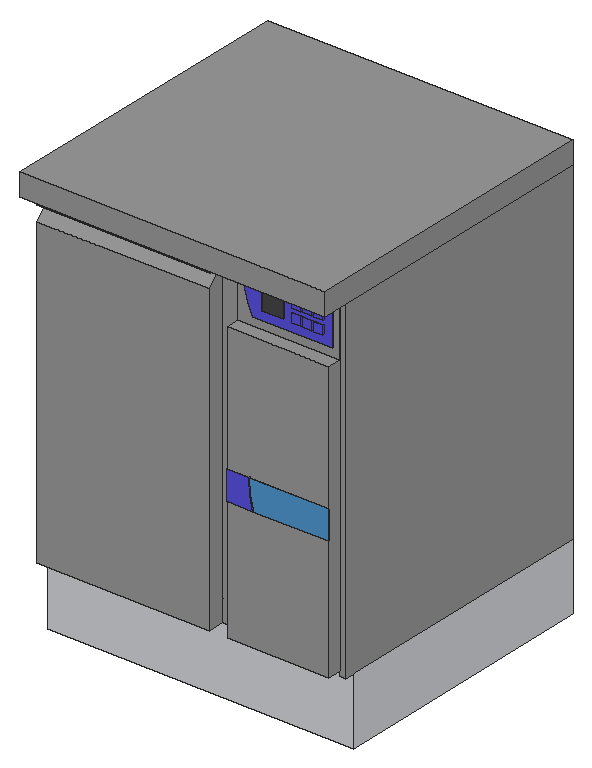
Revit family "Tief-Kühltische GN1-1 - Zentral", category Sonderausstattung, Revit 2015
Parameters (values of type "760x790 1-türig")
  Öffnungstiefe = Korpus Tiefe - Rückwand Stärke - 100 mm  # 470 mm
  Öffnungssymbol Grundriss [instance] = yes
  Watt = 180 W
  Wand unten Stärke = 50 mm  # constant formula
  Wand oben Stärke = 50 mm  # constant formula
  Versatz bei Sockel oder Füße [instance] = if(or(Sockel, Füße), 150 mm, 0 mm)  # 150 mm
  Versatz Tür zu Seitenteil = 40 mm
  Türen Stärke = 50 mm  # constant formula
  Türen Lücke = 20 mm
  Türen Höhe = Korpus Höhe - 20 mm  # 740 mm
  Türen Breite = 390 mm
  Türen Anzahl = 1
  Türen Breite halb = Türen Breite / 2  # 195 mm
  Tür_3 = no
  Tür_2 = no
  Tür_1 = yes
  Tür 4 [instance] = Türen 1 : 1-fach
  Tür 3 [instance] = Türen 1 : 1-fach
  Tür 2 [instance] = Türen 1 : 1-fach
  Tür 1 [instance] = Türen 1 : 1-fach
  Tiefe [instance] = if(Deckplatte, Platte Tiefe, Korpus Tiefe + Türen Stärke)  # 700 mm
  Temp. Bereich = "-18°C bis -20°C"
  Spannung = 230 V
  Sockelhöhe = 150 mm  # constant formula
  Sockel [instance] = yes
  Seitenwand Stärke = 50 mm  # constant formula
  Seitenteilwand Stärke = 15 mm  # constant formula
  Seitenteil Breite = 230 mm
  Scheinleistung = 0 VA
  Pole = 1
  Platte Tiefe = 700 mm  # constant formula
  Platte Stärke = 50 mm
  Pfosten Tiefe = 50 mm  # constant formula
  Rückwand Stärke = 50 mm  # constant formula
  Pfosten Breite = 100 mm  # constant formula
  Pfosten Anzahl = 0
  Pfosten Abstand = Türen Breite + (Türen Lücke / 2)  # 400 mm
  Pfosten 2 = no
  Pfosten 1 = no
  Material = Edelstahl AISI 304
  Kältemittel = "R290"
  Kälteleistung = "180 Watt -30°C VT/+32°C UT"
  Korpus Tiefe = Platte Tiefe - 50 mm - 30 mm  # 620 mm
  Korpus Höhe = 760 mm
  Korpus Breite = Breite - Seitenteil Breite - Seitenteilwand Stärke  # 445 mm
  Kapazität = "1 x 9 x GN1/1"
  Höhe Leitungsanschluss = 500 mm
  Höhe Elektroanschluss = 150 mm
  Höhe [instance] = if(Deckplatte, Korpus Höhe + Versatz bei Sockel oder Füße + Platte Stärke, Korpus Höhe + Versatz bei Sockel oder Füße)  # 960 mm
  Füße Strg [instance] = and(Füße, not(Sockel))  # no
  Füße [instance] = no
  Deckplatte [instance] = yes
  DN Trichterablauf = 50 mm
  DN Saugleitung = 8 mm
  DN Flüssigkeitsleitung = 6 mm
  Breite = 690 mm
  Aufkantung Stärke = 6 mm
  Aufkantung Strg [instance] = and(Deckplatte, Aufkantung)  # no
  Aufkantung Höhe = 50 mm
  Aufkantung [instance] = no
  Artnr ohne Platte = "TKO 711170-76"
  Artnr mit Platte und Aufkantung = "TKO 711171-76"
  Artnr mit Platte = "TKO 711172-76"
  Artikelnr. [instance] = if(and(Deckplatte, not(Aufkantung)), Artnr mit Platte, if(and(Deckplatte, Aufkantung), Artnr mit Platte und Aufkantung, Artnr ohne Platte))  # "TKO 711172-76"
  Abstand Logo = (Korpus Höhe - 120 mm) / 2  # 320 mm
  Abstand Leitungen = 100 mm
  Abstand Display seitlich = 15 mm
Types (15, lengths in mm): name | Watt | Versatz Tür zu Seitenteil | Türen Lücke | Türen Höhe | Türen Breite | Türen Anzahl | Türen Breite halb | Tür_3 | Tür_2 | Seitenteil Breite | Pfosten Anzahl | Pfosten Abstand | Pfosten 2 | Pfosten 1 | Kältemittel | Kälteleistung | Korpus Höhe | Korpus Breite | Kapazität | Höhe | Breite | Aufkantung Strg | Aufkantung | Artnr ohne Platte | Artnr mit Platte und Aufkantung | Artnr mit Platte | Artikelnr. | Abstand Logo | Abstand Display seitlich
  650x690 1-türig | 180 W | 40 | 20 | 630 | 390 | 1 | 195 | no | no | 230 | 0 | 400 | no | no | "R134a" | "160 Watt -30°C VT/+32°C UT" | 650 | 445 | "1 x 7 x GN1/1" | 850 | 690 | yes | yes | "TKO 711160" | "TKO 711161" | "TKO 711162" | "TKO 711161" | 265 | 15
  650x1150 2-türig | 210 W | 20 | 20 | 630 | 430 | 2 | 215 | no | yes | 220 | 1 | 440 | no | yes | "R290" | "290Watt -30°C VT/+32°C UT" | 650 | 915 | "2 x 9 x GN1/1" | 850 | 1150 | yes | yes | "TKO 721160" | "TKO 721161" | "TKO 721162" | "TKO 721161" | 265 | 10
  650x1625 3-türig | 260 W | 25 | 30 | 630 | 430 | 3 | 215 | yes | yes | 220 | 2 | 445 | yes | yes | "R290" | "460 Watt -30°C VT/+32°C UT" | 650 | 1390 | "3 x 9 x GN1/1" | 850 | 1625 | yes | yes | "TKO 731160" | "TKO 731161" | "TKO 731162" | "TKO 731161" | 265 | 10
  700x690 1-türig | 180 W | 40 | 20 | 680 | 390 | 1 | 195 | no | no | 230 | 0 | 400 | no | no | "R290" | "160 Watt -30°C VT/+32°C UT" | 700 | 445 | "1 x 8 x GN1/1" | 900 | 690 | yes | yes | "TKO 711170-70" | "TKO 711171-70" | "TKO 711172-70" | "TKO 711171-70" | 290 | 15
  700x1150 2-türig | 210 W | 20 | 20 | 680 | 430 | 2 | 215 | no | yes | 220 | 1 | 440 | no | yes | "R290" | "290Watt -30°C VT/+32°C UT" | 700 | 915 | "2 x 10 x GN1/1" | 900 | 1150 | yes | yes | "TKO 721170-70" | "TKO 721171-70" | "TKO 721172-70" | "TKO 721171-70" | 290 | 10
  700x1625 3-türig | 260 W | 25 | 30 | 680 | 430 | 3 | 215 | yes | yes | 220 | 2 | 445 | yes | yes | "R290" | "460 Watt -30°C VT/+32°C UT" | 700 | 1390 | "3 x 10 x GN1/1" | 900 | 1625 | yes | yes | "TKO 731170-70" | "TKO 731171-70" | "TKO 731172-70" | "TKO 731171-70" | 290 | 10
  710x690 1-türig | 180 W | 40 | 20 | 690 | 390 | 1 | 195 | no | no | 230 | 0 | 400 | no | no | "R290" | "160 Watt -30°C VT/+32°C UT" | 710 | 445 | "1 x 8 x GN1/1" | 910 | 690 | no | no | "TKO 711170-70" | "TKO 711171-70" | "TKO 711172-70" | "TKO 711172-70" | 295 | 15
  710x1150 2-türig | 210 W | 20 | 20 | 690 | 430 | 2 | 215 | no | yes | 220 | 1 | 440 | no | yes | "R290" | "290Watt -30°C VT/+32°C UT" | 710 | 915 | "2 x 10 x GN1/1" | 910 | 1150 | no | no | "TKO 721170-71" | "TKO 721171-71" | "TKO 721172-71" | "TKO 721172-71" | 295 | 10
  710x1625 3-türig | 260 W | 25 | 30 | 690 | 430 | 3 | 215 | yes | yes | 220 | 2 | 445 | yes | yes | "R290" | "460 Watt -30°C VT/+32°C UT" | 710 | 1390 | "3 x 10 x GN1/1" | 910 | 1625 | no | no | "TKO 731170-71" | "TKO 731171-71" | "TKO 731172-71" | "TKO 731172-71" | 295 | 10
  750x690 1-türig | 180 W | 40 | 20 | 730 | 390 | 1 | 195 | no | no | 230 | 0 | 400 | no | no | "R290" | "180 Watt -30°C VT/+32°C UT" | 750 | 445 | "1 x 9 x GN1/1" | 950 | 690 | yes | yes | "TKO 711170" | "TKO 711171" | "TKO 711172" | "TKO 711171" | 315 | 15
  750x1625 3-türig | 260 W | 25 | 30 | 730 | 430 | 3 | 215 | yes | yes | 220 | 2 | 445 | yes | yes | "R290" | "460 Watt -30°C VT/+32°C UT" | 750 | 1390 | "3 x 11 x GN1/1" | 950 | 1625 | yes | yes | "TKO 731170" | "TKO 731171" | "TKO 731172" | "TKO 731171" | 315 | 10
  750x1150 2-türig | 210 W | 20 | 20 | 730 | 430 | 2 | 215 | no | yes | 220 | 1 | 440 | no | yes | "R290" | "290Watt -30°C VT/+32°C UT" | 750 | 915 | "2 x 11 x GN1/1" | 950 | 1150 | yes | yes | "TKO 721170" | "TKO 721171" | "TKO 721172" | "TKO 721171" | 315 | 10
  760x790 1-türig | 180 W | 40 | 20 | 740 | 390 | 1 | 195 | no | no | 230 | 0 | 400 | no | no | "R290" | "180 Watt -30°C VT/+32°C UT" | 760 | 445 | "1 x 9 x GN1/1" | 960 | 690 | no | no | "TKO 711170-76" | "TKO 711171-76" | "TKO 711172-76" | "TKO 711172-76" | 320 | 15
  760x1150 2-türig | 210 W | 20 | 20 | 740 | 430 | 2 | 215 | no | yes | 220 | 1 | 440 | no | yes | "R290" | "290Watt -30°C VT/+32°C UT" | 760 | 915 | "2 x 11 x GN1/1" | 960 | 1150 | no | no | "TKO 721170-76" | "TKO 721171-76" | "TKO 721172-76" | "TKO 721172-76" | 320 | 10
  760x1725 3-türig | 260 W | 25 | 30 | 740 | 430 | 3 | 215 | yes | yes | 220 | 2 | 445 | yes | yes | "R290" | "460 Watt -30°C VT/+32°C UT" | 760 | 1390 | "3 x 11 x GN1/1" | 960 | 1625 | no | no | "TKO 731170-76" | "TKO 731171-76" | "TKO 731172-76" | "TKO 731172-76" | 320 | 10
Reference planes
  plane 1 "Mitte (Vorne/Hinten)": y = 0
  plane 2: z = 0
  plane 3 "Mitte (Links/Rechts)": x = 0
  plane 4: x = -15
  plane 5: x = -245
  plane 6: x = -295
  plane 7: x = -635
  plane 8: x = -685
  plane 9: x = -735
  plane 10: x = -1045
  plane 11: x = -1095
  plane 12: x = -1145
  plane 13: x = -1455
  plane 14: x = -1505
  plane 15: x = -1555
  plane 16: x = -640
  plane 17 "L": x = -690
  plane 18: y = -50
  plane 19: y = -570
  plane 20: y = -620
  plane 21 "Korpus unten": z = 150
  plane 22: z = 200
  plane 23: z = 860
  plane 24: z = 910
  plane 25: z = 960
  plane 26: z = 1010
  plane 27: z = 150
  plane 28 "Türen": z = 160
  plane 29: z = 790
  plane 30: y = -15
  plane 31: y = -700
  plane 32: x = -675
  plane 33: x = -285
  plane 34: y = -6
  plane 35: x = -1710
  plane 36: x = -1300
  plane 37: x = -890
  plane 38: x = -480
  plane 39 "Display": y = -640
  plane 40 "Logo": y = -670
  plane 41: x = -110
  plane 42: y = -160
  plane 43: y = -300
  plane 44: y = -450
  plane 45: z = 502.5
  plane 46: z = 437.5
  plane 47: z = 470
  plane 48: x = -675
  plane 49: x = -1085
  plane 50: x = -1495
  plane 51: x = -695
  plane 52: x = -1105
  plane 53: x = -1515
  plane 54 "Leitungen": z = 500
  plane 55 "Elektro": z = 150
  plane 56: x = -160
  plane 57: x = -60
  plane 58: y = -80
  plane 59: y = -578
  plane 60: x = -610
  plane 61 "SR": x = -273
Forms (mm)
  Extrusion 1, solid, material "Edelstahl AISI 304" <- "Material", visible <- "Pfosten 2", detail levels fine
    sketch origin (0, 0, 0) x (1, 0, 0) y (0, 1, 0)
      loop
        line (-1145, -620) -> (-1045, -620) -> (-1045, -570) -> (-1145, -570) -> (-1145, -620)
    from 200 to 860
  Extrusion 2, solid, material "Edelstahl AISI 304" <- "Material", visible <- "Pfosten 1", detail levels fine
    sketch origin (0, 0, 0) x (1, 0, 0) y (0, 1, 0)
      loop
        line (-735, -620) -> (-635, -620) -> (-635, -570) -> (-735, -570) -> (-735, -620)
    from 200 to 860
  Extrusion 3, solid, material "Edelstahl AISI 304" <- "Material", detail levels fine
    sketch origin (0, 0, 0) x (1, 0, 0) y (0, 0, 1)
      loop
        line (-245, 150) -> (-245, 910) -> (-690, 910) -> (-690, 150) -> (-245, 150)
      loop
        line (-640, 860) -> (-640, 200) -> (-295, 200) -> (-295, 860) -> (-640, 860)
    from 0 to 620
  Extrusion 4, solid, material "Edelstahl AISI 304" <- "Material", detail levels fine
    sketch origin (0, 0, 0) x (1, 0, 0) y (0, 0, 1)
      loop
        line (-640, 860) -> (-640, 200) -> (-295, 200) -> (-295, 860) -> (-640, 860)
    from 0 to 50
  Extrusion 5, solid, material "Edelstahl AISI 304" <- "Material", visible <- "Füße Strg", detail levels medium+fine
    sketch origin (0, 0, 0) x (1, 0, 0) y (0, 1, 0)
      loop
        circle (-610, -80) r 20
      loop
        circle (-610, -578) r 20
      loop
        circle (-273, -80) r 20
      loop
        circle (-273, -578) r 20
    from 0 to 150
  Extrusion 6, solid, visible <- "Sockel", detail levels medium+fine
    sketch origin (0, 0, 0) x (1, 0, 0) y (0, 1, 0)
      loop
        line (-690, 0) -> (-690, -620) -> (0, -620) -> (0, 0) -> (-690, 0)
    from 0 to 150
  Extrusion 7, solid, material "Edelstahl AISI 304" <- "Material", detail levels medium+fine
    sketch origin (0, 0, 0) x (1, 0, 0) y (0, 1, 0)
      loop
        line (-245, 0) -> (-245, -620) -> (-15, -620) -> (-15, 0) -> (-245, 0)
    from 150 to 910
  Extrusion 8, solid, material "Edelstahl AISI 304" <- "Material", detail levels medium+fine
    sketch origin (0, 0, 0) x (1, 0, 0) y (0, 1, 0)
      loop
        line (-15, 0) -> (-15, -640) -> (0, -640) -> (0, 0) -> (-15, 0)
    from 150 to 910
  Extrusion 9, solid, material "Edelstahl AISI 304" <- "Material", visible <- "Deckplatte", detail levels medium+fine
    sketch origin (0, 0, 0) x (1, 0, 0) y (0, 1, 0)
      loop
        line (-690, 0) -> (-690, -700) -> (0, -700) -> (0, 0) -> (-690, 0)
    from 910 to 960
  Extrusion 10, solid, material "Edelstahl AISI 304" <- "Material", visible <- "Aufkantung Strg", detail levels fine
    sketch origin (0, 0, 0) x (1, 0, 0) y (0, 1, 0)
      loop
        line (-690, 0) -> (-690, -6) -> (0, -6) -> (0, 0) -> (-690, 0)
    from 960 to 1010
  Extrusion 11, solid, material "Edelstahl AISI 304" <- "Material", detail levels medium+fine
    sketch origin (0, 0, 0) x (1, 0, 0) y (0, 0, 1)
      loop
        line (-15, 160) -> (-15, 790) -> (-245, 790) -> (-245, 160) -> (-15, 160)
    from 620 to 670
  Extrusion 12, solid, material "Edelstahl AISI 304" <- "Material", detail levels medium+fine
    sketch origin (0, 0, 0) x (1, 0, 0) y (0, 0, 1)
      loop
        line (-245, 910) -> (-245, 790) -> (-15, 790) -> (-15, 910) -> (-245, 910)
    from 620 to 640
  Extrusion 13, solid, material "Logo Blau Dunkel", detail levels fine
    sketch origin (0, -640, 0) x (-1, 0, 0) y (0, 0, 1)
      loop
        line (230, 890) -> (30, 890) -> (30, 810) -> (210, 810)
        arc (210, 810) -> (224.703, 848.824) -> (230, 890) r 177.754
      loop
        line (190, 880) -> (140, 880) -> (140, 830) -> (190, 830) -> (190, 880)
      loop
        line (120, 880) -> (100, 880) -> (100, 860) -> (120, 860) -> (120, 880)
      loop
        line (95, 880) -> (75, 880) -> (75, 860) -> (95, 860) -> (95, 880)
      loop
        line (70, 880) -> (50, 880) -> (50, 860) -> (70, 860) -> (70, 880)
      loop
        line (120, 830) -> (120, 850) -> (100, 850) -> (100, 830) -> (120, 830)
      loop
        line (95, 830) -> (95, 850) -> (75, 850) -> (75, 830) -> (95, 830)
      loop
        line (70, 830) -> (70, 850) -> (50, 850) -> (50, 830) -> (70, 830)
    from 0 to -2
  Extrusion 14, solid, material "Logo Blau Hell", detail levels fine
    sketch origin (0, -670, 0) x (-1, 0, 0) y (0, 0, 1)
      loop
        line (195, 502.5) -> (15, 502.5) -> (15, 437.5) -> (185, 437.5)
        arc (185, 437.5) -> (192.724, 469.581) -> (195, 502.5) r 197.504
    from 0 to -2
  Extrusion 15, solid, material "Logo Blau Dunkel", detail levels fine
    sketch origin (0, -670, 0) x (-1, 0, 0) y (0, 0, 1)
      loop
        line (185, 437.5) -> (245, 437.5) -> (245, 502.5) -> (195, 502.5)
        arc (195, 502.5) -> (192.724, 469.581) -> (185, 437.5) r 197.504
    from 0 to -2
  Extrusion 16, solid, not visible
    sketch origin (0, 0, 150) x (-1, 0, 0) y (0, -1, 0)
      loop
        circle (110, 160) r 40
    from 0 to 2
  Extrusion 17, solid, material "Display", detail levels fine
    sketch origin (0, -640, 0) x (-1, 0, 0) y (0, 0, 1)
      loop
        line (190, 880) -> (140, 880) -> (140, 830) -> (190, 830) -> (190, 880)
    from 0 to -2
  Extrusion 18, solid, material "Knöpfe", detail levels fine
    sketch origin (0, -640, 0) x (-1, 0, 0) y (0, 0, 1)
      loop
        line (120, 880) -> (100, 880) -> (100, 860) -> (120, 860) -> (120, 880)
      loop
        line (120, 850) -> (100, 850) -> (100, 830) -> (120, 830) -> (120, 850)
      loop
        line (95, 830) -> (95, 850) -> (75, 850) -> (75, 830) -> (95, 830)
      loop
        line (95, 860) -> (95, 880) -> (75, 880) -> (75, 860) -> (95, 860)
      loop
        line (70, 880) -> (50, 880) -> (50, 860) -> (70, 860) -> (70, 880)
      loop
        line (70, 850) -> (50, 850) -> (50, 830) -> (70, 830) -> (70, 850)
    from 0 to -3
  Extrusion 19, solid, not visible
    sketch origin (0, 0, 150) x (0, -1, 0) y (1, 0, 0)
      loop
        circle (300, -110) r 20
    from 0 to -2
  Extrusion 20, solid, not visible
    sketch origin (0, 0, 500) x (0, -1, 0) y (1, 0, 0)
      loop
        circle (450, -160) r 3
      loop
        circle (450, -60) r 4
    from 0 to -2
  Extrusion 21, solid, material "Edelstahl AISI 304" <- "Material", detail levels medium
    sketch origin (0, 0, 150) x (-1, 0, 0) y (0, -1, 0)
      loop
        line (690, 0) -> (690, 620) -> (245, 620) -> (245, 0) -> (690, 0)
    from 760 to -2
  Extrusion 22, solid, material "Edelstahl AISI 304" <- "Material", detail levels coarse
    sketch origin (0, 0, 0) x (1, 0, 0) y (0, 1, 0)
      loop
        line (-690, 0) -> (-690, -700) -> (0, -700) -> (0, 0) -> (-690, 0)
    from 960 to -2
Dimensions and locks
  "Rückwand Stärke": plane 18 to plane 1 "Mitte (Vorne/Hinten)"
  "Pfosten Tiefe": plane 19 to plane 20
  "Korpus Tiefe": plane 20 to plane 1 "Mitte (Vorne/Hinten)"
  "Seitenwand Stärke": plane 5 to plane 6
  "Seitenwand Stärke": plane 16 to plane 17 "L"
  "Seitenteilwand Stärke": plane 3 "Mitte (Links/Rechts)" to plane 4
  "Seitenteil Breite": plane 4 to plane 5
  "Breite": plane 3 "Mitte (Links/Rechts)" to plane 17 "L"
  "Wand unten Stärke": plane 22 to plane 21 "Korpus unten"
  "Aufkantung Höhe": plane 26 to plane 25
  "Platte Stärke": plane 25 to plane 24
  "Wand oben Stärke": plane 24 to plane 23
  "Korpus Höhe": plane 24 to plane 21 "Korpus unten"
  "Versatz bei Sockel oder Füße": plane 21 "Korpus unten" to level
  "Sockelhöhe": plane 27 to level
  locked: plane 28 "Türen" to plane 21 "Korpus unten" at 10
  locked: plane 24 to plane 29 at 120
  "Seitenteilwand Stärke": plane 30 to plane 1 "Mitte (Vorne/Hinten)"
  "Platte Tiefe": plane 31 to plane 1 "Mitte (Vorne/Hinten)"
  locked: plane 32 to plane 17 "L" at 15
  "Versatz Tür zu Seitenteil": plane 5 to plane 33
  "Aufkantung Stärke": plane 34 to plane 1 "Mitte (Vorne/Hinten)"
  locked: plane 20 to plane 39 "Display" at 20
  "Türen Stärke": plane 20 to plane 40 "Logo"
  locked: plane 41 to plane 3 "Mitte (Links/Rechts)" at 110
  plane 44 to plane 43 to plane 42 to plane 1 "Mitte (Vorne/Hinten)" = 150 mm locked, 140 mm locked, 160 mm locked
  locked: plane 24 to Extrusion 13 sketch curve at 20
  locked: Extrusion 13 sketch curve to plane 29 at 20
  locked: Extrusion 13 sketch curve to Extrusion 13 sketch curve at 10
  locked: Extrusion 13 sketch curve to Extrusion 13 sketch curve at 20  (x3)
  locked: plane 45 to plane 46 at 65
  "Abstand Logo": plane 29 to plane 47
  locked: Extrusion 14 sketch curve to plane 5 at 50
  locked: Extrusion 14 sketch curve to plane 5 at 60
  equal spacing: plane 45, plane 47, plane 46
  plane 29 to plane 45 = 287.5 mm
  "Türen Breite halb": plane 33 to plane 38
  "Türen Lücke": plane 48 to plane 51
  "Türen Lücke": plane 49 to plane 52
  "Türen Lücke": plane 50 to plane 53
  "Türen Breite halb": plane 51 to plane 37
  "Türen Breite halb": plane 52 to plane 36
  "Türen Breite halb": plane 53 to plane 35
  "Türen Breite": plane 33 to plane 48
  "Türen Breite": plane 51 to plane 49
  "Türen Breite": plane 52 to plane 50
  equal spacing: plane 7, plane 8, plane 9
  equal spacing: plane 10, plane 11, plane 12
  equal spacing: plane 13, plane 14, plane 15
  "Pfosten Breite": plane 13 to plane 15
  "Pfosten Breite": plane 10 to plane 12
  "Pfosten Breite": plane 7 to plane 9
  "Pfosten Abstand": plane 33 to plane 8
  "Pfosten Abstand": plane 51 to plane 11
  "Pfosten Abstand": plane 52 to plane 14
  "Abstand Display seitlich": plane 4 to Extrusion 13 sketch curve
  locked: Extrusion 13 sketch curve to Extrusion 13 sketch curve at 200
  locked: Extrusion 13 sketch curve to Extrusion 13 sketch curve at 180
  Extrusion 13 sketch curve to Extrusion 13 sketch curve to Extrusion 13 sketch curve to Extrusion 13 sketch curve to Extrusion 13 sketch curve to Extrusion 13 sketch curve to Extrusion 13 sketch curve to Extrusion 13 sketch curve to Extrusion 13 sketch curve = 50 mm locked, 20 mm locked, 20 mm locked, 5 mm locked, 20 mm locked, 5 mm locked, 20 mm locked, 20 mm locked
  "Höhe Leitungsanschluss": plane 54 "Leitungen" to level
  "Höhe Elektroanschluss": plane 55 "Elektro" to level
  equal spacing: plane 56, plane 41, plane 57
  "Abstand Leitungen": plane 56 to plane 57
  locked: plane 58 to plane 1 "Mitte (Vorne/Hinten)" at 80
  locked: plane 59 to plane 20 at 42
  locked: plane 17 "L" to plane 60 at 80
  locked: plane 61 "SR" to plane 3 "Mitte (Links/Rechts)" at 273
  "DN Flüssigkeitsleitung": diameter of Extrusion 20 sketch curve
  "DN Saugleitung": diameter of Extrusion 20 sketch curve
  aligned and locked: level to plane 2
  aligned and locked: plane 23 to Extrusion 2
  aligned and locked: plane 23 to Extrusion 1
  aligned and locked: Extrusion 3 to plane 20
  aligned and locked: Extrusion 2 to plane 22
  aligned and locked: Extrusion 1 to plane 22
  aligned and locked: Extrusion 4 to plane 18
  aligned and locked: plane 27 to Extrusion 5
  aligned and locked: plane 27 to Extrusion 6
  aligned and locked: plane 24 to Extrusion 7
  aligned and locked: Extrusion 7 to plane 21 "Korpus unten"
  aligned and locked: plane 24 to Extrusion 8
  aligned and locked: Extrusion 8 to plane 21 "Korpus unten"
  aligned and locked: plane 25 to Extrusion 9
  aligned and locked: Extrusion 9 to plane 24
  aligned and locked: plane 26 to Extrusion 10
  aligned and locked: Extrusion 10 to plane 25
  aligned and locked: plane 20 to Extrusion 11
  aligned and locked: plane 20 to Extrusion 12
  aligned and locked: Extrusion 12 to plane 39 "Display"
  aligned and locked: plane 39 "Display" to Extrusion 8 sketch curve
  aligned and locked: plane 4 to Extrusion 8 sketch curve
  aligned and locked: Extrusion 8 sketch curve to plane 3 "Mitte (Links/Rechts)"
  aligned and locked: plane 1 "Mitte (Vorne/Hinten)" to Extrusion 8 sketch curve
  aligned and locked: nested 3 to plane 36
  aligned and locked: plane 37 to nested 2
  aligned and locked: plane 38 to nested 1
  aligned and locked: nested 1 to plane 28 "Türen"
  aligned and locked: nested 2 to plane 28 "Türen"
  aligned and locked: nested 3 to plane 28 "Türen"
  aligned and locked: nested 3 to plane 20
  aligned and locked: nested 2 to plane 20
  aligned and locked: nested 1 to plane 20
  aligned and locked: plane 28 "Türen" to Extrusion 11 sketch curve
  aligned and locked: plane 5 to Extrusion 11 sketch curve
  aligned and locked: Extrusion 11 sketch curve to plane 4
  aligned and locked: plane 29 to Extrusion 11 sketch curve
  aligned and locked: Extrusion 10 sketch curve to plane 34
  aligned and locked: nested 1 to Extrusion 11
  aligned and locked: Extrusion 13 sketch curve to Extrusion 13 sketch curve  (x16)
  aligned and locked: Extrusion 14 sketch curve to plane 4
  aligned and locked: Extrusion 15 sketch curve to Extrusion 14
  aligned and locked: plane 46 to Extrusion 15 sketch curve
  aligned and locked: plane 45 to Extrusion 15 sketch curve
  aligned and locked: plane 5 to Extrusion 15 sketch curve
  aligned and locked: Extrusion 17 sketch curve to Extrusion 13  (x4)
  aligned and locked: Extrusion 18 sketch curve to Extrusion 13  (x24)
  aligned and locked: plane 17 "L" to Extrusion 21 sketch curve
  aligned and locked: plane 1 "Mitte (Vorne/Hinten)" to Extrusion 21 sketch curve
  aligned and locked: plane 20 to Extrusion 21 sketch curve
  aligned and locked: Extrusion 21 sketch curve to plane 5
  aligned and locked: plane 24 to Extrusion 21
  aligned and locked: plane 17 "L" to Extrusion 22 sketch curve
  aligned and locked: plane 1 "Mitte (Vorne/Hinten)" to Extrusion 22 sketch curve
  aligned and locked: Extrusion 22 sketch curve to plane 3 "Mitte (Links/Rechts)"
  aligned and locked: plane 31 to Extrusion 22 sketch curve
  aligned and locked: plane 25 to Extrusion 22
Automatic sketch dimensions
  Extrusion 9 sketch curve to plane 17 "L" = 0 mm
  Extrusion 9 sketch curve to plane 3 "Mitte (Links/Rechts)" = 0 mm
  Extrusion 9 sketch curve to plane 31 = 0 mm
  plane 1 "Mitte (Vorne/Hinten)" to Extrusion 9 sketch curve = 0 mm
  Extrusion 10 sketch curve to plane 17 "L" = 0 mm
  Extrusion 10 sketch curve to plane 3 "Mitte (Links/Rechts)" = 0 mm
  plane 1 "Mitte (Vorne/Hinten)" to Extrusion 10 sketch curve = 0 mm
  Extrusion 14 sketch curve to plane 46 = 0 mm
  Extrusion 14 sketch curve to plane 45 = 0 mm
  Extrusion 14 sketch curve to plane 45 = 2.887 mm
  Extrusion 1 sketch curve to plane 12 = 0 mm
  Extrusion 1 sketch curve to plane 10 = 0 mm
  Extrusion 1 sketch curve to plane 20 = 0 mm
  Extrusion 1 sketch curve to plane 19 = 0 mm
  Extrusion 2 sketch curve to plane 9 = 0 mm
  Extrusion 2 sketch curve to plane 7 = 0 mm
  Extrusion 2 sketch curve to plane 20 = 0 mm
  Extrusion 2 sketch curve to plane 19 = 0 mm
  Extrusion 3 sketch curve to plane 17 "L" = 0 mm
  Extrusion 3 sketch curve to plane 16 = 0 mm
  Extrusion 3 sketch curve to plane 6 = 0 mm
  Extrusion 3 sketch curve to plane 5 = 0 mm
  Extrusion 3 sketch curve to plane 21 "Korpus unten" = 0 mm
  Extrusion 3 sketch curve to plane 22 = 0 mm
  Extrusion 3 sketch curve to plane 23 = 0 mm
  Extrusion 3 sketch curve to plane 24 = 0 mm
  Extrusion 4 sketch curve to plane 16 = 0 mm
  Extrusion 4 sketch curve to plane 6 = 0 mm
  Extrusion 4 sketch curve to plane 22 = 0 mm
  Extrusion 4 sketch curve to plane 23 = 0 mm
  Extrusion 6 sketch curve to plane 17 "L" = 0 mm
  Extrusion 6 sketch curve to plane 3 "Mitte (Links/Rechts)" = 0 mm
  Extrusion 6 sketch curve to plane 20 = 0 mm
  plane 1 "Mitte (Vorne/Hinten)" to Extrusion 6 sketch curve = 0 mm
  Extrusion 7 sketch curve to plane 5 = 0 mm
  Extrusion 7 sketch curve to plane 4 = 0 mm
  Extrusion 7 sketch curve to plane 20 = 0 mm
  plane 1 "Mitte (Vorne/Hinten)" to Extrusion 7 sketch curve = 0 mm
  Extrusion 12 sketch curve to plane 5 = 0 mm
  Extrusion 12 sketch curve to plane 4 = 0 mm
  Extrusion 12 sketch curve to plane 29 = 0 mm
  Extrusion 12 sketch curve to plane 24 = 0 mm
  Extrusion 16 sketch curve to plane 41 = 0 mm
  Extrusion 16 sketch curve to plane 42 = 0 mm
  Extrusion 19 sketch curve to plane 41 = 0 mm
  Extrusion 19 sketch curve to plane 43 = 0 mm
  Extrusion 5 sketch curve to plane 59 = 0 mm  (x2)
  Extrusion 5 sketch curve to plane 60 = 0 mm  (x2)
  Extrusion 5 sketch curve to plane 58 = 0 mm  (x2)
  Extrusion 5 sketch curve to plane 61 "SR" = 0 mm  (x2)
  plane 57 to Extrusion 13 sketch curve = 7.743 mm
  Extrusion 20 sketch curve to plane 44 = 0 mm  (x2)
  Extrusion 20 sketch curve to plane 56 = 0 mm
  Extrusion 20 sketch curve to plane 57 = 0 mm
  radius of Extrusion 16 sketch curve = 40 mm
  radius of Extrusion 19 sketch curve = 20 mm
  radius of Extrusion 5 sketch curve = 20 mm  (x4)
Nested families
  nested 1: "Türen 1" at (-480, -620, 160), Tür Höhe <- "Türen Höhe", Tür Breite <- "Türen Breite", visible <- "Tür_1", type <- "Tür 1", type "1-fach"
    with Tür Höhe 3 von 3 239.667 mm, Tür Höhe 2 von 3 239.667 mm, Tür Höhe 2 von 2 ungleich 490.333 mm, Tür Höhe 2 von 2 gleich 365 mm, Tür Höhe 1 von 3 239.667 mm, Tür Höhe 1 von 2 ungleich 239.667 mm, Tür Höhe 1 von 2 gleich 365 mm, Tür Höhe 740 mm, Tür Breite 390 mm, Lücke 2 10 mm, Lücke 1 10.5 mm, Öffnungstiefe 470 mm
  nested 2: "Türen 1" at (-890, -620, 160), Tür Höhe <- "Türen Höhe", Tür Breite <- "Türen Breite", visible <- "Tür_2", type <- "Tür 2", type "1-fach"
    with Tür Höhe 3 von 3 239.667 mm, Tür Höhe 2 von 3 239.667 mm, Tür Höhe 2 von 2 ungleich 490.333 mm, Tür Höhe 2 von 2 gleich 365 mm, Tür Höhe 1 von 3 239.667 mm, Tür Höhe 1 von 2 ungleich 239.667 mm, Tür Höhe 1 von 2 gleich 365 mm, Tür Höhe 740 mm, Tür Breite 390 mm, Lücke 2 10 mm, Lücke 1 10.5 mm, Öffnungstiefe 470 mm
  nested 3: "Türen 1" at (-1300, -620, 160), Tür Höhe <- "Türen Höhe", Tür Breite <- "Türen Breite", visible <- "Tür_3", type <- "Tür 3", type "1-fach"
    with Tür Höhe 3 von 3 239.667 mm, Tür Höhe 2 von 3 239.667 mm, Tür Höhe 2 von 2 ungleich 490.333 mm, Tür Höhe 2 von 2 gleich 365 mm, Tür Höhe 1 von 3 239.667 mm, Tür Höhe 1 von 2 ungleich 239.667 mm, Tür Höhe 1 von 2 gleich 365 mm, Tür Höhe 740 mm, Tür Breite 390 mm, Lücke 2 10 mm, Lücke 1 10.5 mm, Öffnungstiefe 470 mm
Connectors
  piping at (-110, -160, 150), diameter 50, driven by "DN Trichterablauf"
    settings: on Extrusion 16, index 2, connector inside diameter 609.6 mm, connector length 0 mm, flow factor 0, pipe flow 0.0 L/s, pressure drop 0.0 Pa, fitting loss kfactor 0, connector angle 0.00°, fixture units 0, engagement length 0 mm, angle of deflection 0.00°, flow configuration 1, flow direction 2, fitting loss method 0, system type 16, joint type 0, gender type 0, connector reference index -1, connector utility 0, adjustable connector no, is connector primary yes, connector description ""
  electrical at (-110, -300, 148), driven by "Pole", driven by "Spannung", driven by "Scheinleistung"
    settings: on Extrusion 19, index 3, voltage 230 V, apparent load 0 VA, apparent load phase1 0 VA, apparent load phase2 0 VA, apparent load phase3 0 VA, power factor 1, load classification "Sonstige", number of poles 1, system type 31, power factor state 1, is connector primary yes, connector utility no, sub classification motor no, connector description ""
  piping at (-60, -450, 498), diameter 8, driven by "DN Saugleitung"
    settings: on Extrusion 20, index 4, connector inside diameter 609.6 mm, connector length 0 mm, flow factor 0, pipe flow 0.0 L/s, pressure drop 0.0 Pa, fitting loss kfactor 0, connector angle 0.00°, fixture units 0, engagement length 0 mm, angle of deflection 0.00°, flow configuration 1, flow direction 1, fitting loss method 0, system type 22, joint type 0, gender type 0, connector reference index -1, connector utility 0, adjustable connector no, is connector primary no, connector description ""
  piping at (-160, -450, 498), diameter 6, driven by "DN Flüssigkeitsleitung"
    settings: on Extrusion 20, index 5, connector inside diameter 609.6 mm, connector length 0 mm, flow factor 0, pipe flow 0.0 L/s, pressure drop 0.0 Pa, fitting loss kfactor 0, connector angle 0.00°, fixture units 0, engagement length 0 mm, angle of deflection 0.00°, flow configuration 1, flow direction 1, fitting loss method 0, system type 20, joint type 0, gender type 0, connector reference index -1, connector utility 0, adjustable connector no, is connector primary no, connector description ""
Definition of nested family "Türen 1"
  Parameters (values of type "1-fach")
    Öffnungstiefe = 375.348 mm
    Öffnungssymbol Grundriss = yes
    Türflügel Stärke = 35 mm
    Tür Stärke = 50 mm
    Tür Höhe 2 von 2 ungleich [instance] = Tür Höhe - Tür Höhe 1 von 2 ungleich - 10 mm  # 417 mm
    Tür Höhe 2 von 2 gleich [instance] = (Tür Höhe - Lücke 2) / 2  # 309.75 mm
    Tür Höhe 1 von 2 ungleich [instance] = (Tür Höhe - (Lücke 1 * 2)) / 3  # 203 mm
    Tür Höhe 1 von 2 gleich [instance] = (Tür Höhe - Lücke 2) / 2  # 309.75 mm
    Tür Höhe [instance] = 630 mm
    Tür Breite [instance] = 430 mm
    Tür Höhe 3 von 3 [instance] = (Tür Höhe - (Lücke 1 * 2)) / 3  # 203 mm
    Tür Höhe 2 von 3 [instance] = (Tür Höhe - (Lücke 1 * 2)) / 3  # 203 mm
    Tür Höhe 1 von 3 [instance] = (Tür Höhe - (Lücke 1 * 2)) / 3  # 203 mm
    Material = none
    Lücke 2 [instance] = 10.5 mm
    Lücke 1 [instance] = 10.5 mm
    Dichtung Stärke = Tür Stärke - Türflügel Stärke  # 15 mm
    3-fach = no
    2-fach ungleich = no
    2-fach gleich = no
    1-fach = yes
  Types (4, lengths in mm): name | Tür Höhe 2 von 2 gleich | Tür Höhe 1 von 2 gleich | Lücke 2 | 3-fach | 2-fach ungleich | 2-fach gleich | 1-fach
    3-fach gleich | 310 | 310 | 10 | yes | no | no | no
    2-fach ungleich | 310 | 310 | 10 | no | yes | no | no
    2-fach gleich | 310 | 310 | 10 | no | no | yes | no
    1-fach | 309.75 | 309.75 | 10.5 | no | no | no | yes
  Reference planes
    plane 1 "Mitte (Vorne/Hinten)": y = 0
    plane 2: z = 0
    plane 3 "Mitte (Links/Rechts)": x = 0
    plane 4: x = 215
    plane 5: x = -215
    plane 6: y = -50
    plane 7: y = -15
    plane 8: z = 630
    plane 9: z = 417
    plane 10: z = 427
    plane 11: z = 320.25
    plane 12: z = 309.75
    plane 13: z = 427
    plane 14: z = 416.5
    plane 15: z = 213.5
    plane 16: z = 203
    plane 17: y = -425.348
  Forms (mm)
    Extrusion 1, solid, material <- "Material", visible <- "1-fach", detail levels fine
      sketch origin (0, 0, 0) x (0, 1, 0) y (0, 0, 1)
        loop
          line (-50, 0) -> (-15, 0) -> (-15, 630) -> (-50, 630) -> (-50, 615) -> (-48, 615) -> (-48, 628) -> (-17, 628) -> (-17, 615) -> (-50, 582) -> (-50, 0)
      from -215 to 215
    Extrusion 2, solid, material <- "Material", visible <- "2-fach gleich", detail levels fine
      sketch origin (0, 0, 0) x (0, 1, 0) y (0, 0, 1)
        loop
          line (-50, 0) -> (-15, 0) -> (-15, 309.75) -> (-50, 309.75) -> (-50, 294.75) -> (-48, 294.75) -> (-48, 307.75) -> (-17, 307.75) -> (-17, 294.75) -> (-50, 261.75) -> (-50, 0)
        loop
          line (-50, 320.25) -> (-15, 320.25) -> (-15, 630) -> (-50, 630) -> (-50, 615) -> (-48, 615) -> (-48, 628) -> (-17, 628) -> (-17, 615) -> (-50, 582) -> (-50, 320.25)
      from -215 to 215
    Extrusion 3, solid, material <- "Material", visible <- "2-fach ungleich", detail levels fine
      sketch origin (0, 0, 0) x (0, 1, 0) y (0, 0, 1)
        loop
          line (-50, 0) -> (-15, 0) -> (-15, 417) -> (-50, 417) -> (-50, 402) -> (-48, 402) -> (-48, 415) -> (-17, 415) -> (-17, 402) -> (-50, 369) -> (-50, 0)
        loop
          line (-50, 427) -> (-15, 427) -> (-15, 630) -> (-50, 630) -> (-50, 615) -> (-48, 615) -> (-48, 628) -> (-17, 628) -> (-17, 615) -> (-50, 582) -> (-50, 427)
      from -215 to 215
    Extrusion 4, solid, material <- "Material", visible <- "3-fach", detail levels fine
      sketch origin (0, 0, 0) x (0, 1, 0) y (0, 0, 1)
        loop
          line (-50, 0) -> (-15, 0) -> (-15, 203) -> (-50, 203) -> (-50, 188) -> (-48, 188) -> (-48, 201) -> (-17, 201) -> (-17, 188) -> (-50, 155) -> (-50, 0)
        loop
          line (-50, 427) -> (-15, 427) -> (-15, 630) -> (-50, 630) -> (-50, 615) -> (-48, 615) -> (-48, 628) -> (-17, 628) -> (-17, 615) -> (-50, 582) -> (-50, 427)
        loop
          line (-50, 213.5) -> (-15, 213.5) -> (-15, 416.5) -> (-50, 416.5) -> (-50, 401.5) -> (-48, 401.5) -> (-48, 414.5) -> (-17, 414.5) -> (-17, 401.5) -> (-50, 368.5) -> (-50, 213.5)
      from -215 to 215
    Extrusion 5, solid, material <- "Material", visible <- "1-fach", detail levels medium
      sketch origin (0, 0, 0) x (1, 0, 0) y (0, 0, 1)
        loop
          line (-215, 630) -> (-215, 0) -> (215, 0) -> (215, 630) -> (-215, 630)
      from 0 to 50
    Extrusion 6, solid, material <- "Material", visible <- "2-fach gleich", detail levels medium
      sketch origin (0, 0, 0) x (1, 0, 0) y (0, 0, 1)
        loop
          line (-215, 630) -> (-215, 320.25) -> (215, 320.25) -> (215, 630) -> (-215, 630)
        loop
          line (215, 0) -> (215, 309.75) -> (-215, 309.75) -> (-215, 0) -> (215, 0)
      from 0 to 50
    Extrusion 7, solid, material <- "Material", visible <- "2-fach ungleich", detail levels medium
      sketch origin (0, 0, 0) x (1, 0, 0) y (0, 0, 1)
        loop
          line (-215, 630) -> (-215, 427) -> (215, 427) -> (215, 630) -> (-215, 630)
        loop
          line (-215, 0) -> (215, 0) -> (215, 416.5) -> (-215, 416.5) -> (-215, 0)
      from 0 to 50
    Extrusion 8, solid, material <- "Material", visible <- "3-fach", detail levels medium
      sketch origin (0, 0, 0) x (1, 0, 0) y (0, 0, 1)
        loop
          line (-215, 630) -> (-215, 427) -> (215, 427) -> (215, 630) -> (-215, 630)
        loop
          line (-215, 213.5) -> (215, 213.5) -> (215, 416.5) -> (-215, 416.5) -> (-215, 213.5)
        loop
          line (-215, 0) -> (215, 0) -> (215, 203) -> (-215, 203) -> (-215, 0)
      from 0 to 50
  Lines and regions (mm)
    symbolic lines, visible <- "Öffnungssymbol Grundriss"
      curve 1: line (-215, -15, 0) -> (-215, -425.348, 0)
      curve 2: line (-215, -425.348, 0) -> (215, -425.348, 0)
      curve 3: line (215, -425.348, 0) -> (215, -15, 0)
      curve 4: line (0, -100.348, 0) -> (0, -375.348, 0)
      curve 5: line (0, -100.348, 0) -> (24.749, -125.096, 0)
      curve 6: line (0, -100.348, 0) -> (-24.749, -125.096, 0)
      curve 7: line (0, -375.348, 0) -> (24.749, -350.599, 0)
      curve 8: line (0, -375.348, 0) -> (-24.749, -350.599, 0)
  Dimensions and locks
    "Dichtung Stärke": plane 7 to plane 1 "Mitte (Vorne/Hinten)"
    "Tür Stärke": plane 1 "Mitte (Vorne/Hinten)" to plane 6
    "Tür Höhe": plane 8 to level
    equal spacing: plane 4, plane 3 "Mitte (Links/Rechts)", plane 5
    "Tür Breite": plane 4 to plane 5
    locked: Extrusion 1 sketch curve to plane 7 at 2
    locked: plane 6 to Extrusion 1 sketch curve at 2
    locked: plane 8 to Extrusion 1 sketch curve at 2
    locked: plane 8 to Extrusion 1 sketch curve at 15  (x2)
    "Tür Höhe 2 von 2 ungleich": plane 9 to level
    "Tür Höhe 1 von 2 ungleich": plane 8 to plane 10
    "Tür Höhe 1 von 2 gleich": plane 8 to plane 11
    "Tür Höhe 2 von 2 gleich": plane 12 to level
    "Lücke 1": plane 16 to plane 15
    "Lücke 1": plane 13 to plane 14
    "Tür Höhe 1 von 3": plane 8 to plane 13
    "Tür Höhe 3 von 3": plane 16 to level
    "Öffnungstiefe": plane 6 to plane 17
    locked: plane 6 to curve 4 at 50.348
    locked: curve 4 to plane 17 at 50
    locked: Extrusion 1 sketch curve to Extrusion 1 sketch curve (angle 135.00°)
    locked: Extrusion 2 sketch curve to Extrusion 2 sketch curve (angle 135.00°)  (x2)
    locked: Extrusion 3 sketch curve to Extrusion 3 sketch curve (angle 135.00°)  (x2)
    locked: Extrusion 4 sketch curve to Extrusion 4 sketch curve (angle 135.00°)  (x3)
    aligned and locked: level to plane 2
    aligned and locked: Extrusion 1 sketch curve to level
    aligned and locked: Extrusion 1 sketch curve to plane 6  (x2)
    aligned and locked: plane 7 to Extrusion 1 sketch curve
    aligned and locked: plane 8 to Extrusion 1 sketch curve
    aligned and locked: Extrusion 1 to plane 5
    aligned and locked: plane 4 to Extrusion 1
    aligned and locked: plane 12 to Extrusion 2 sketch curve
    aligned and locked: plane 11 to Extrusion 2 sketch curve
    aligned and locked: Extrusion 2 sketch curve to level
    aligned and locked: plane 8 to Extrusion 2 sketch curve
    aligned and locked: Extrusion 2 sketch curve to plane 6  (x3)
    aligned and locked: plane 7 to Extrusion 2 sketch curve  (x2)
    aligned and locked: Extrusion 2 to plane 5
    aligned and locked: plane 4 to Extrusion 2
    aligned and locked: plane 7 to Extrusion 3 sketch curve  (x2)
    aligned and locked: Extrusion 3 sketch curve to plane 6  (x3)
    aligned and locked: Extrusion 4 sketch curve to plane 6  (x3)
    aligned and locked: plane 7 to Extrusion 4 sketch curve  (x2)
    aligned and locked: Extrusion 4 sketch curve to level
    aligned and locked: plane 16 to Extrusion 4 sketch curve
    aligned and locked: plane 14 to Extrusion 4 sketch curve
    aligned and locked: Extrusion 4 sketch curve to plane 15
    aligned and locked: plane 9 to Extrusion 3 sketch curve
    aligned and locked: plane 8 to Extrusion 3 sketch curve
    aligned and locked: plane 6 to Extrusion 3 sketch curve
    aligned and locked: Extrusion 3 sketch curve to plane 10
    aligned and locked: curve 4 to plane 3 "Mitte (Links/Rechts)"
    aligned and locked: Extrusion 5 to plane 6
    aligned and locked: Extrusion 6 to plane 6
    aligned and locked: Extrusion 7 to plane 6
    aligned and locked: Extrusion 8 to plane 6
  Automatic sketch dimensions
    Extrusion 2 sketch curve to plane 6 = 0 mm
    plane 6 to Extrusion 2 sketch curve = 2 mm  (x2)
    Extrusion 2 sketch curve to plane 7 = 2 mm  (x2)
    Extrusion 2 sketch curve to plane 12 = 15 mm  (x2)
    Extrusion 2 sketch curve to plane 12 = 2 mm
    Extrusion 2 sketch curve to plane 8 = 15 mm
    Extrusion 2 sketch curve to Extrusion 2 sketch curve = 15 mm
    Extrusion 2 sketch curve to plane 8 = 2 mm
    Extrusion 4 sketch curve to plane 6 = 0 mm  (x3)
    Extrusion 4 sketch curve to plane 7 = 0 mm
    plane 10 to Extrusion 4 sketch curve = 0 mm
    Extrusion 4 sketch curve to plane 8 = 0 mm
    plane 6 to Extrusion 4 sketch curve = 2 mm  (x3)
    Extrusion 4 sketch curve to plane 7 = 2 mm  (x3)
    plane 16 to Extrusion 4 sketch curve = 15 mm
    plane 16 to Extrusion 4 sketch curve = 2 mm
    Extrusion 4 sketch curve to Extrusion 4 sketch curve = 15 mm
    Extrusion 4 sketch curve to plane 8 = 15 mm
    Extrusion 4 sketch curve to plane 8 = 2 mm
    Extrusion 4 sketch curve to plane 14 = 2 mm
    Extrusion 4 sketch curve to Extrusion 4 sketch curve = 13 mm  (x3)
    Extrusion 3 sketch curve to level = 0 mm
    plane 6 to Extrusion 3 sketch curve = 2 mm  (x2)
    Extrusion 3 sketch curve to plane 7 = 2 mm  (x2)
    Extrusion 3 sketch curve to plane 14 = 47.5 mm
    Extrusion 3 sketch curve to plane 14 = 14.5 mm
    Extrusion 3 sketch curve to plane 14 = 1.5 mm
    Extrusion 3 sketch curve to Extrusion 3 sketch curve = 15 mm
    Extrusion 3 sketch curve to plane 8 = 2 mm
    Extrusion 3 sketch curve to Extrusion 3 sketch curve = 13 mm
    curve 1 to plane 5 = 0 mm
    curve 3 to plane 4 = 0 mm
    curve 1 to plane 17 = 0 mm
    curve 1 to plane 7 = 0 mm
    curve 3 to plane 7 = 0 mm
    curve 6 to plane 3 "Mitte (Links/Rechts)" = 24.749 mm
    curve 8 to plane 3 "Mitte (Links/Rechts)" = 24.749 mm
    plane 3 "Mitte (Links/Rechts)" to curve 5 = 24.749 mm
    plane 3 "Mitte (Links/Rechts)" to curve 7 = 24.749 mm
    curve 4 to curve 8 = 24.749 mm
    curve 6 to curve 4 = 24.749 mm
    Extrusion 5 sketch curve to level = 0 mm
    Extrusion 5 sketch curve to plane 5 = 0 mm
    Extrusion 5 sketch curve to plane 4 = 0 mm
    Extrusion 5 sketch curve to plane 8 = 0 mm
    Extrusion 6 sketch curve to plane 5 = 0 mm  (x2)
    Extrusion 6 sketch curve to level = 0 mm
    Extrusion 6 sketch curve to plane 4 = 0 mm  (x2)
    Extrusion 6 sketch curve to plane 12 = 0 mm
    Extrusion 6 sketch curve to plane 11 = 0 mm
    Extrusion 6 sketch curve to plane 8 = 0 mm
    Extrusion 7 sketch curve to plane 5 = 0 mm  (x2)
    Extrusion 7 sketch curve to level = 0 mm
    Extrusion 7 sketch curve to plane 4 = 0 mm  (x2)
    Extrusion 7 sketch curve to plane 14 = 0 mm
    Extrusion 7 sketch curve to plane 10 = 0 mm
    Extrusion 7 sketch curve to plane 8 = 0 mm
    Extrusion 8 sketch curve to plane 5 = 0 mm  (x3)
    Extrusion 8 sketch curve to level = 0 mm
    Extrusion 8 sketch curve to plane 4 = 0 mm  (x3)
    Extrusion 8 sketch curve to plane 16 = 0 mm
    Extrusion 8 sketch curve to plane 15 = 0 mm
    Extrusion 8 sketch curve to plane 14 = 0 mm
    Extrusion 8 sketch curve to plane 10 = 0 mm
    Extrusion 8 sketch curve to plane 8 = 0 mm
